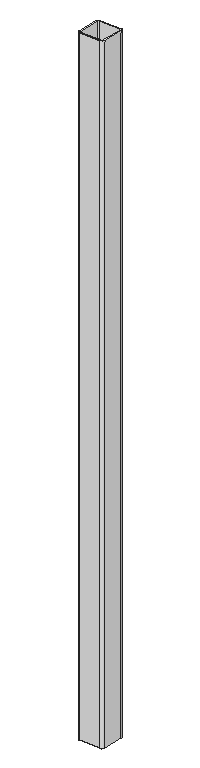
Revit family "Pilar_Met_Retang", category Structural Columns, Revit 2020
Family settings
  Section Shape = Not Defined
  Material for Model Behavior = Steel
  Always export as geometry = No
  Beam cutback in plan = From bounding box
  OmniClass Number = 23.25.30.11.14.11
  OmniClass Title = Columns
  Cut with Voids When Loaded = No
  Symbolic Representation = From Project Settings
  Shared = No
  Show family pre-cut in plan views = Yes
Parameters (values of type "PIL_010x010_MZN_MET_RET")
  W = 1.51
  Structural Material [instance] = Steel, 45-345
  Assembly Code = ""
  Ht = 100 mm
  Shape = "Rect."
  b = 100 mm
  kr = 2 * t  # 10 mm
  t = 5 mm
  A = 0.0183 m²
Reference planes
  plane 1 "Center (Front/Back)": y = 0
  plane 2: z = 0
  plane 3 "Center (Left/Right)": x = 0
  plane 4: x = -50
  plane 5: x = 50
  plane 6: y = 50
  plane 7: y = -50
  plane 8: x = -40
  plane 9: y = -40
  plane 10: y = 40
  plane 11: x = 40
Forms (mm)
  Extrusion 1, solid, material "Steel, 45-345" <- "Structural Material", detail levels medium
    sketch origin (0, 0, 0) x (1, 0, 0) y (0, 1, 0)
      loop
        line (-50, 50) -> (-50, -50) -> (50, -50) -> (50, 50) -> (-50, 50)
      loop
        line (-45, 45) -> (-45, -45) -> (45, -45) -> (45, 45) -> (-45, 45)
    from 0 to 2500
  Extrusion 2, solid, material "Steel, 45-345" <- "Structural Material", detail levels fine
    sketch origin (0, 0, 0) x (1, 0, 0) y (0, 1, 0)
      loop
        arc (-40, 50) -> (-47.071, 47.071) -> (-50, 40) r 10
        line (-50, 40) -> (-50, -40)
        arc (-50, -40) -> (-47.071, -47.071) -> (-40, -50) r 10
        line (-40, -50) -> (40, -50)
        arc (40, -50) -> (47.071, -47.071) -> (50, -40) r 10
        line (50, -40) -> (50, 40)
        arc (50, 40) -> (47.071, 47.071) -> (40, 50) r 10
        line (40, 50) -> (-40, 50)
      loop
        arc (-40, 45) -> (-43.536, 43.536) -> (-45, 40) r 5
        line (-45, 40) -> (-45, -40)
        arc (-45, -40) -> (-43.536, -43.536) -> (-40, -45) r 5
        line (-40, -45) -> (40, -45)
        arc (40, -45) -> (43.536, -43.536) -> (45, -40) r 5
        line (45, -40) -> (45, 40)
        arc (45, 40) -> (43.536, 43.536) -> (40, 45) r 5
        line (40, 45) -> (-40, 45)
    from 0 to 2500
Lines and regions (mm)
  symbolic lines, style "StructuralColumnStickSymbols", detail levels coarse
    curve 1: line (-50, 50, 0) -> (50, 50, 0)
    curve 2: line (-50, -50, 0) -> (50, -50, 0)
    curve 5: line (-50, 50, 0) -> (-50, -50, 0)
    curve 6: line (50, 50, 0) -> (50, -50, 0)
  symbolic lines, style "Hidden Faces", detail levels medium+fine
    curve 3: line (-45, 0, 0) -> (-45, 0, 2500)
    curve 4: line (45, 0, 2500) -> (45, 0, 0)
    curve 7: line (0, 45, 0) -> (0, 45, 2500)
    curve 8: line (0, -45, 0) -> (0, -45, 2500)
Dimensions and locks
  equal spacing: plane 4, plane 3 "Center (Left/Right)", plane 5
  equal spacing: plane 7, plane 1 "Center (Front/Back)", plane 6
  "Ht": plane 7 to plane 6
  "b": plane 4 to plane 5
  "t": Extrusion 1 sketch curve to plane 5
  "t": plane 4 to Extrusion 1 sketch curve
  "t": Extrusion 1 sketch curve to plane 6
  "t": Extrusion 1 sketch curve to plane 7
  "t": Extrusion 2 sketch curve to plane 6
  "t": Extrusion 2 sketch curve to plane 5
  "t": plane 4 to Extrusion 2 sketch curve
  "t": Extrusion 2 sketch curve to plane 7
  "kr": plane 10 to plane 6
  "kr": plane 7 to plane 9
  "kr": plane 11 to plane 5
  "kr": plane 4 to plane 8
  aligned and locked: plane 6 to Extrusion 1 sketch curve
  aligned and locked: Extrusion 1 sketch curve to plane 7
  aligned and locked: Extrusion 1 sketch curve to plane 4
  aligned and locked: plane 5 to Extrusion 1 sketch curve
  aligned and locked: level to Extrusion 1
  aligned and locked: level to plane 2
  aligned and locked: Extrusion 1 to plane 2
  aligned and locked: curve 1 to Extrusion 2 sketch curve
  aligned and locked: Extrusion 2 sketch curve to Extrusion 1
  aligned and locked: level to Extrusion 2
  aligned and locked: curve 4 to Extrusion 2
  aligned and locked: curve 3 to Extrusion 2
  aligned and locked: Extrusion 2 to curve 7  (x2)
  aligned and locked: Extrusion 2 to curve 8  (x2)
  aligned and locked: curve 7 to Extrusion 1
  aligned and locked: curve 8 to Extrusion 1
Automatic sketch dimensions
  Extrusion 2 sketch curve to plane 8 = 0 mm  (x4)
  Extrusion 2 sketch curve to plane 7 = 0 mm
  Extrusion 2 sketch curve to plane 11 = 0 mm
  Extrusion 2 sketch curve to plane 10 = 0 mm  (x2)
  Extrusion 2 sketch curve to plane 9 = 0 mm  (x2)
  curve 3 to level = 0 mm  (x2)
  curve 4 to level = 0 mm  (x2)
  curve 5 to plane 4 = 0 mm
  curve 2 to plane 5 = 0 mm
  curve 5 to plane 7 = 0 mm
  curve 5 to plane 6 = 0 mm
